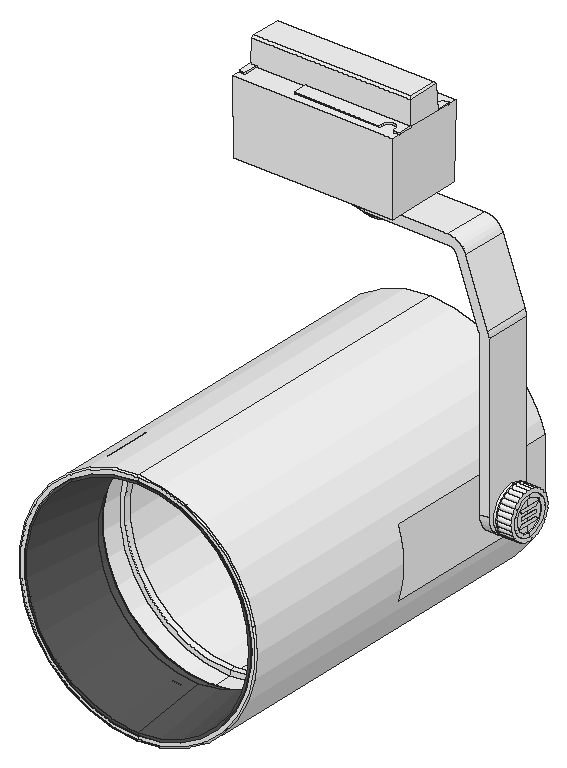
Revit family "STL22455BR_STL22455PTO", category Luminárias, Revit 2023
Family settings
  Cota do conector redondo = Utilizar diâmetro
  Tipo de parte = Normal
  Número OmniClass = 23.80.70.00
  Título OmniClass = Lighting
  Com base no plano de trabalho = Não
  Sempre na vertical = Sim
  Corte com vazios quando carregada = Não
  Fonte luminosa = Não
  Manter orientação da anotação = Não
  Compartilhado = Não
  Ponto de cálculo do ambiente = Não
Parameters (values of type "STL22455BR - BRANCO")
  URL = "https://stella.com.br/"
  Tensão Elétrica = "127-220V"
  Referência = "STL22455BR"
  Potência máxima = 20 W
  Modelo = "Flow PAR30 CDMR para Trace"
  Grau de proteção (IP) = "IP20"
  Fabricante = "Stella"
  Estrutura = Al - Branco
  Elevação padrão = 0 m
  Diâmetro do Spot = 0.104083 m
  Comprimento do Spot = 0.16 m
  Altura do Spot = 0.206 m
  Acabamento Spot = Al - Preto
Reference planes (m)
  plane 1 "Eixo de origem da luz (F/T)": y = 0
  plane 2: z = 0
  plane 3 "Eixo de origem da luz (E/D)": x = 0.0084
  plane 4 "Elevação da origem da luz": z = 2.4994
  plane 5: z = 2.444
  plane 6 "Superior": z = 2.65
  plane 7: y = 0.026
  plane 8: y = -0.134
  plane 9: x = 0.060441
  plane 10: z = 2.605
  plane 11: x = -0.043641
Forms (m)
  Extrusion 1, solid, material "Al - Branco" <- "Estrutura"
    sketch origin (-0.031726, 0, 0) x (0, -1, 0) y (0, 0, 1)
      loop
        line (-0.007222, 2.6384) -> (-0.017251, 2.6384) -> (-0.016801, 2.6064) -> (0.016801, 2.6064) -> (0.017251, 2.6384) -> (0.007222, 2.6384) -> (0.006942, 2.649) -> (0.006414, 2.65) -> (-0.006414, 2.65) -> (-0.006942, 2.649) -> (-0.007222, 2.6384)
    from -0.059624 to 0.013642
  Extrusion 2, void
    sketch origin (-0.023326, 0, 0) x (-1, 0, 0) y (0, 0, 1)
      loop
        line (-0.049422, 2.649) -> (-0.048894, 2.65) -> (-0.051224, 2.65) -> (-0.051224, 2.6064) -> (-0.049252, 2.6064) -> (-0.049702, 2.6384) -> (-0.049422, 2.649)
      loop
        line (0.020018, 2.649) -> (0.020298, 2.6384) -> (0.019847, 2.6064) -> (0.022042, 2.6064) -> (0.022042, 2.65) -> (0.01949, 2.65) -> (0.020018, 2.649)
    from -0.024982 to 0.021323
  Extrusion 3, solid, material "Al - Branco" <- "Estrutura"
    sketch origin (0.014478, 0, 0) x (0, -1, 0) y (0, 0, -1)
      loop
        line (-0.014499, -2.6064) -> (-0.014499, -2.60805) -> (-0.015326, -2.60805) -> (-0.015326, -2.60885)
        arc (-0.015326, -2.60885) -> (-0.015011, -2.609283) -> (-0.014499, -2.609443) r 0.000852
        line (-0.014499, -2.609443) -> (-0.014499, -2.6104) -> (0.014499, -2.6104) -> (0.014499, -2.609443)
        arc (0.014499, -2.609443) -> (0.015011, -2.609283) -> (0.015326, -2.60885) r 0.000852
        line (0.015326, -2.60885) -> (0.015326, -2.60805) -> (0.014499, -2.60805) -> (0.014499, -2.6064) -> (-0.014499, -2.6064)
    from -0.059624 to -0.055554
  Extrusion 4, void
    sketch origin (0.014478, 0, 0) x (0, -1, 0) y (0, 0, -1)
      loop
        line (-0.014699, -2.6106) -> (0.014699, -2.6106) -> (0.014699, -2.609627)
        arc (0.014699, -2.609627) -> (0.015219, -2.609371) -> (0.015526, -2.608879) r 0.001052
        line (0.015526, -2.608879) -> (0.015526, -2.60785) -> (0.014699, -2.60785) -> (0.014699, -2.6064) -> (-0.014699, -2.6064) -> (-0.014699, -2.60785) -> (-0.015526, -2.60785) -> (-0.015526, -2.608879)
        arc (-0.015526, -2.608879) -> (-0.015219, -2.609371) -> (-0.014699, -2.609627) r 0.001052
        line (-0.014699, -2.609627) -> (-0.014699, -2.6106)
    from -0.059624 to -0.024388
  Extrusion 5, solid, material "Al - Branco" <- "Estrutura"
    sketch origin (0.014478, -0.03, 0) x (0, -1, 0) y (0, 0, -1)
      loop
        line (-0.044499, -2.6064) -> (-0.044499, -2.60805) -> (-0.015501, -2.60805) -> (-0.015501, -2.6064) -> (-0.044499, -2.6064)
    from -0.055554 to -0.024388
  Extrusion 6, solid, material "Al - Branco" <- "Estrutura"
    sketch origin (-0.023326, 0, 0) x (-1, 0, 0) y (0, 0, 1)
      loop
        line (-0.011173, 2.6064) -> (-0.013416, 2.6064) -> (-0.013416, 2.605371) -> (-0.011173, 2.605371) -> (-0.011173, 2.6064)
    from -0.014499 to 0.014499
  Extrusion 7, solid, material "Al - Branco" <- "Estrutura"
    sketch origin (-0.023326, 0, 2.574) x (0, 1, 0) y (-1, 0, 0)
      loop
        arc (0.013719, -0.047484) -> (0.013573, -0.04713) -> (0.013219, -0.046984) r 0.0005
        line (0.013219, -0.046984) -> (0.012346, -0.046984)
        arc (0.012346, -0.046984) -> (0.009533, -0.044171) -> (0.012346, -0.041358) r 0.002813
        line (0.012346, -0.041358) -> (0.013219, -0.041358)
        arc (0.013219, -0.041358) -> (0.013573, -0.041211) -> (0.013719, -0.040857) r 0.0005
        line (0.013719, -0.040857) -> (0.013719, -0.008488)
        arc (0.013719, -0.008488) -> (0.013573, -0.008135) -> (0.013219, -0.007988) r 0.0005
        line (0.013219, -0.007988) -> (0.007222, -0.007988) -> (0.007222, -0.049702) -> (0.013219, -0.049702)
        arc (0.013219, -0.049702) -> (0.013573, -0.049556) -> (0.013719, -0.049202) r 0.0005
        line (0.013719, -0.049202) -> (0.013719, -0.047484)
      loop
        line (-0.013719, -0.047484) -> (-0.013719, -0.04935)
        arc (-0.013719, -0.04935) -> (-0.013573, -0.049704) -> (-0.013219, -0.04985) r 0.0005
        line (-0.013219, -0.04985) -> (-0.007222, -0.04985) -> (-0.007222, -0.003882) -> (-0.013219, -0.003882)
        arc (-0.013219, -0.003882) -> (-0.013573, -0.004029) -> (-0.013719, -0.004382) r 0.0005
        line (-0.013719, -0.004382) -> (-0.013719, -0.040857)
        arc (-0.013719, -0.040857) -> (-0.013573, -0.041211) -> (-0.013219, -0.041358) r 0.0005
        line (-0.013219, -0.041358) -> (-0.012346, -0.041358)
        arc (-0.012346, -0.041358) -> (-0.009533, -0.044171) -> (-0.012346, -0.046984) r 0.002813
        line (-0.012346, -0.046984) -> (-0.013219, -0.046984)
        arc (-0.013219, -0.046984) -> (-0.013573, -0.04713) -> (-0.013719, -0.047484) r 0.0005
      loop
        line (-0.013182, 0.017625) -> (-0.007222, 0.017625) -> (-0.007222, 0.020298) -> (-0.013182, 0.020298)
        arc (-0.013182, 0.020298) -> (-0.013576, 0.020135) -> (-0.013739, 0.019741) r 0.000557
        line (-0.013739, 0.019741) -> (-0.013739, 0.018182)
        arc (-0.013739, 0.018182) -> (-0.013576, 0.017788) -> (-0.013182, 0.017625) r 0.000557
      loop
        line (0.012346, 0.017642) -> (0.013181, 0.017642)
        arc (0.013181, 0.017642) -> (0.013574, 0.017805) -> (0.013737, 0.018198) r 0.000556
        line (0.013737, 0.018198) -> (0.013737, 0.020298) -> (0.007222, 0.020298) -> (0.007222, 0.014829) -> (0.008997, 0.014829)
        arc (0.008997, 0.014829) -> (0.009409, 0.014961) -> (0.009583, 0.015357) r 0.000526
        arc (0.009583, 0.015357) -> (0.010553, 0.016997) -> (0.012346, 0.017642) r 0.002813
    from 0.0644 to 0.0649
  Revolve 8, void
    sketch origin (-0.023326, 0, 0) x (-1, 0, 0) y (0, 0, 1)
      loop
        line (-0.046923, 2.6064) -> (-0.031723, 2.6064) -> (-0.031723, 2.6129) -> (-0.04681, 2.6129) -> (-0.046923, 2.6064)
      axis (-0.031723, 2.6129) -> (-0.031723, 2.6064)
    angle from 0 to 360
  Extrusion 9, solid, material "Al - Branco" <- "Estrutura", not visible
    sketch origin (-0.1416, -0.1, 0) x (0, 1, 0) y (0, 0, 1)
      loop
        line (-0.007222, 2.6384) -> (-0.017251, 2.6384) -> (-0.016801, 2.6064) -> (0.016801, 2.6064) -> (0.017251, 2.6384) -> (0.007222, 2.6384) -> (0.006942, 2.649) -> (0.006414, 2.65) -> (-0.006414, 2.65) -> (-0.006942, 2.649) -> (-0.007222, 2.6384)
    from -0.059624 to 0.013642
  Extrusion 10, void, not visible
    sketch origin (-0.15, -0.1, 0) x (1, 0, 0) y (0, 0, 1)
      loop
        line (-0.049422, 2.649) -> (-0.048894, 2.65) -> (-0.051224, 2.65) -> (-0.051224, 2.6064) -> (-0.049252, 2.6064) -> (-0.049702, 2.6384) -> (-0.049422, 2.649)
      loop
        line (0.020018, 2.649) -> (0.020298, 2.6384) -> (0.019847, 2.6064) -> (0.022042, 2.6064) -> (0.022042, 2.65) -> (0.01949, 2.65) -> (0.020018, 2.649)
    from -0.024982 to 0.021323
  Extrusion 11, solid, material "Al - Branco" <- "Estrutura", not visible
    sketch origin (-0.187804, -0.1, 0) x (0, 1, 0) y (0, 0, -1)
      loop
        line (-0.014499, -2.6064) -> (-0.014499, -2.60805) -> (-0.015326, -2.60805) -> (-0.015326, -2.60885)
        arc (-0.015326, -2.60885) -> (-0.015011, -2.609283) -> (-0.014499, -2.609443) r 0.000852
        line (-0.014499, -2.609443) -> (-0.014499, -2.6104) -> (0.014499, -2.6104) -> (0.014499, -2.609443)
        arc (0.014499, -2.609443) -> (0.015011, -2.609283) -> (0.015326, -2.60885) r 0.000852
        line (0.015326, -2.60885) -> (0.015326, -2.60805) -> (0.014499, -2.60805) -> (0.014499, -2.6064) -> (-0.014499, -2.6064)
    from -0.059624 to -0.055554
  Extrusion 12, void, not visible
    sketch origin (-0.187804, -0.1, 0) x (0, 1, 0) y (0, 0, -1)
      loop
        line (-0.014699, -2.6106) -> (0.014699, -2.6106) -> (0.014699, -2.609627)
        arc (0.014699, -2.609627) -> (0.015219, -2.609371) -> (0.015526, -2.608879) r 0.001052
        line (0.015526, -2.608879) -> (0.015526, -2.60785) -> (0.014699, -2.60785) -> (0.014699, -2.6064) -> (-0.014699, -2.6064) -> (-0.014699, -2.60785) -> (-0.015526, -2.60785) -> (-0.015526, -2.608879)
        arc (-0.015526, -2.608879) -> (-0.015219, -2.609371) -> (-0.014699, -2.609627) r 0.001052
        line (-0.014699, -2.609627) -> (-0.014699, -2.6106)
    from -0.059624 to -0.024388
  Extrusion 13, solid, material "Al - Branco" <- "Estrutura", not visible
    sketch origin (-0.187804, -0.07, 0) x (0, 1, 0) y (0, 0, -1)
      loop
        line (-0.044499, -2.6064) -> (-0.044499, -2.60805) -> (-0.015501, -2.60805) -> (-0.015501, -2.6064) -> (-0.044499, -2.6064)
    from -0.055554 to -0.024388
  Extrusion 14, solid, material "Al - Branco" <- "Estrutura", not visible
    sketch origin (-0.15, -0.1, 0) x (1, 0, 0) y (0, 0, 1)
      loop
        line (-0.011173, 2.6064) -> (-0.013416, 2.6064) -> (-0.013416, 2.605371) -> (-0.011173, 2.605371) -> (-0.011173, 2.6064)
    from -0.014499 to 0.014499
  Extrusion 15, solid, material "Al - Branco" <- "Estrutura", not visible
    sketch origin (-0.15, -0.1, 2.574) x (0, -1, 0) y (1, 0, 0)
      loop
        arc (0.013719, -0.047484) -> (0.013573, -0.04713) -> (0.013219, -0.046984) r 0.0005
        line (0.013219, -0.046984) -> (0.012346, -0.046984)
        arc (0.012346, -0.046984) -> (0.009533, -0.044171) -> (0.012346, -0.041358) r 0.002813
        line (0.012346, -0.041358) -> (0.013219, -0.041358)
        arc (0.013219, -0.041358) -> (0.013573, -0.041211) -> (0.013719, -0.040857) r 0.0005
        line (0.013719, -0.040857) -> (0.013719, -0.008488)
        arc (0.013719, -0.008488) -> (0.013573, -0.008135) -> (0.013219, -0.007988) r 0.0005
        line (0.013219, -0.007988) -> (0.007222, -0.007988) -> (0.007222, -0.049702) -> (0.013219, -0.049702)
        arc (0.013219, -0.049702) -> (0.013573, -0.049556) -> (0.013719, -0.049202) r 0.0005
        line (0.013719, -0.049202) -> (0.013719, -0.047484)
      loop
        line (-0.013719, -0.047484) -> (-0.013719, -0.04935)
        arc (-0.013719, -0.04935) -> (-0.013573, -0.049704) -> (-0.013219, -0.04985) r 0.0005
        line (-0.013219, -0.04985) -> (-0.007222, -0.04985) -> (-0.007222, -0.003882) -> (-0.013219, -0.003882)
        arc (-0.013219, -0.003882) -> (-0.013573, -0.004029) -> (-0.013719, -0.004382) r 0.0005
        line (-0.013719, -0.004382) -> (-0.013719, -0.040857)
        arc (-0.013719, -0.040857) -> (-0.013573, -0.041211) -> (-0.013219, -0.041358) r 0.0005
        line (-0.013219, -0.041358) -> (-0.012346, -0.041358)
        arc (-0.012346, -0.041358) -> (-0.009533, -0.044171) -> (-0.012346, -0.046984) r 0.002813
        line (-0.012346, -0.046984) -> (-0.013219, -0.046984)
        arc (-0.013219, -0.046984) -> (-0.013573, -0.04713) -> (-0.013719, -0.047484) r 0.0005
      loop
        line (-0.013182, 0.017625) -> (-0.007222, 0.017625) -> (-0.007222, 0.020298) -> (-0.013182, 0.020298)
        arc (-0.013182, 0.020298) -> (-0.013576, 0.020135) -> (-0.013739, 0.019741) r 0.000557
        line (-0.013739, 0.019741) -> (-0.013739, 0.018182)
        arc (-0.013739, 0.018182) -> (-0.013576, 0.017788) -> (-0.013182, 0.017625) r 0.000557
      loop
        line (0.012346, 0.017642) -> (0.013181, 0.017642)
        arc (0.013181, 0.017642) -> (0.013574, 0.017805) -> (0.013737, 0.018198) r 0.000556
        line (0.013737, 0.018198) -> (0.013737, 0.020298) -> (0.007222, 0.020298) -> (0.007222, 0.014829) -> (0.008997, 0.014829)
        arc (0.008997, 0.014829) -> (0.009409, 0.014961) -> (0.009583, 0.015357) r 0.000526
        arc (0.009583, 0.015357) -> (0.010553, 0.016997) -> (0.012346, 0.017642) r 0.002813
    from 0.0644 to 0.0649
  Revolve 16, void, not visible
    sketch origin (-0.15, -0.1, 0) x (1, 0, 0) y (0, 0, 1)
      loop
        line (-0.046923, 2.6064) -> (-0.031723, 2.6064) -> (-0.031723, 2.6129) -> (-0.04681, 2.6129) -> (-0.046923, 2.6064)
      axis (-0.031723, 2.6129) -> (-0.031723, 2.6064)
    angle from 0 to 360
  Revolve 17, solid, material "Al - Branco" <- "Estrutura"
    sketch origin (0.030318, 0, -0.0205) x (1, 0, 0) y (0, 0, 1)
      loop
        line (0.034579, 2.5281) -> (0.035578, 2.5281) -> (0.035578, 2.5299) -> (0.034579, 2.5299) -> (0.034579, 2.5281)
      loop
        line (0.027879, 2.5239) -> (0.027879, 2.5199) -> (0.033078, 2.5199) -> (0.033078, 2.5239) -> (0.027879, 2.5239)
      axis (0.035578, 2.5199) -> (0.027879, 2.5199)
    angle from 0 to 360
  Extrusion 18, solid, material "Al - Branco" <- "Estrutura"
    sketch origin (0.030318, 0.008398, -0.0205) x (0, -1, 0) y (0, 0, 1)
      loop
        arc (0.004366, 2.527942) -> (0.002917, 2.528238) -> (0.002614, 2.526791) r 0.001048
        arc (0.002614, 2.526791) -> (0.001137, 2.526743) -> (0.001177, 2.525265) r 0.001048
        arc (0.001177, 2.525265) -> (-0.00025, 2.524877) -> (0.000132, 2.523448) r 0.001048
        arc (0.000132, 2.523448) -> (-0.001167, 2.522741) -> (-0.000466, 2.521439) r 0.001048
        arc (-0.000466, 2.521439) -> (-0.001565, 2.52045) -> (-0.000581, 2.519346) r 0.001048
        arc (-0.000581, 2.519346) -> (-0.001423, 2.51813) -> (-0.000211, 2.517283) r 0.001048
        arc (-0.000211, 2.517283) -> (-0.000747, 2.515905) -> (0.000628, 2.515362) r 0.001048
        arc (0.000628, 2.515362) -> (0.000425, 2.513897) -> (0.001889, 2.513687) r 0.001048
        arc (0.001889, 2.513687) -> (0.002029, 2.512215) -> (0.003502, 2.512349) r 0.001048
        arc (0.003502, 2.512349) -> (0.00398, 2.51095) -> (0.005382, 2.511421) r 0.001048
        arc (0.005382, 2.511421) -> (0.00617, 2.51017) -> (0.007425, 2.510952) r 0.001048
        arc (0.007425, 2.510952) -> (0.008481, 2.509918) -> (0.009521, 2.51097) r 0.001048
        arc (0.009521, 2.51097) -> (0.010788, 2.510207) -> (0.011556, 2.511471) r 0.001048
        arc (0.011556, 2.511471) -> (0.012965, 2.511023) -> (0.01342, 2.51243) r 0.001048
        arc (0.01342, 2.51243) -> (0.014894, 2.51232) -> (0.015012, 2.513794) r 0.001048
        arc (0.015012, 2.513794) -> (0.016472, 2.514028) -> (0.016244, 2.51549) r 0.001048
        arc (0.016244, 2.51549) -> (0.017611, 2.516055) -> (0.017052, 2.517424) r 0.001048
        arc (0.017052, 2.517424) -> (0.01825, 2.518291) -> (0.017389, 2.519493) r 0.001048
        arc (0.017389, 2.519493) -> (0.018354, 2.520613) -> (0.017239, 2.521583) r 0.001048
        arc (0.017239, 2.521583) -> (0.017919, 2.522897) -> (0.016609, 2.523583) r 0.001048
        arc (0.016609, 2.523583) -> (0.016967, 2.525017) -> (0.015534, 2.525382) r 0.001048
        arc (0.015534, 2.525382) -> (0.01555, 2.526861) -> (0.014071, 2.526883) r 0.001048
        arc (0.014071, 2.526883) -> (0.013745, 2.528326) -> (0.012301, 2.528006) r 0.001048
        arc (0.012301, 2.528006) -> (0.01165, 2.529334) -> (0.010319, 2.528688) r 0.001048
        arc (0.010319, 2.528688) -> (0.009379, 2.52983) -> (0.008233, 2.528894) r 0.001048
        arc (0.008233, 2.528894) -> (0.007155, 2.529817) -> (0.006336, 2.528658) r 0.00096
        arc (0.006336, 2.528658) -> (0.004995, 2.52928) -> (0.004366, 2.527942) r 0.001048
      loop
        circle (0.0084, 2.5199) r 0.0082
    from -0.042087 to -0.035578
  Extrusion 19, solid, material "Al - Branco" <- "Estrutura"
    sketch origin (0.030318, 0.0084, -0.0205) x (0, -1, 0) y (0, 0, 1)
      loop
        line (0.004798, 2.520605) -> (0.004798, 2.519195) -> (0.011997, 2.519195) -> (0.011997, 2.520605) -> (0.004798, 2.520605)
      loop
        line (0.004798, 2.522) -> (0.012002, 2.522) -> (0.013402, 2.5234) -> (0.003398, 2.5234) -> (0.004798, 2.522)
      loop
        line (0.004798, 2.5178) -> (0.003398, 2.5164) -> (0.013402, 2.5164) -> (0.012002, 2.5178) -> (0.004798, 2.5178)
    from -0.041835 to -0.041287
  Extrusion 20, solid, material "Al - Branco" <- "Estrutura"
    sketch origin (0.044628, 0.0084, -0.0205) x (0, -1, 0) y (0, 0, 1)
      loop
        line (0.0093, 2.524818) -> (0.0093, 2.52805)
        arc (0.0093, 2.52805) -> (0.0084, 2.5281) -> (0.0075, 2.52805) r 0.0082
        line (0.0075, 2.52805) -> (0.0075, 2.524818)
        arc (0.0075, 2.524818) -> (0.0084, 2.5249) -> (0.0093, 2.524818) r 0.005
      loop
        line (0.0093, 2.51175) -> (0.0093, 2.514982)
        arc (0.0093, 2.514982) -> (0.0084, 2.5149) -> (0.0075, 2.514982) r 0.005
        line (0.0075, 2.514982) -> (0.0075, 2.51175)
        arc (0.0075, 2.51175) -> (0.0084, 2.5117) -> (0.0093, 2.51175) r 0.0082
      loop
        line (0.013313, 2.518972) -> (0.016547, 2.518972)
        arc (0.016547, 2.518972) -> (0.0166, 2.519872) -> (0.016553, 2.520772) r 0.0082
        line (0.016553, 2.520772) -> (0.013323, 2.520772)
        arc (0.013323, 2.520772) -> (0.0134, 2.519872) -> (0.013313, 2.518972) r 0.005
      loop
        line (0.000255, 2.518951) -> (0.003487, 2.518972)
        arc (0.003487, 2.518972) -> (0.0034, 2.519872) -> (0.003477, 2.520772) r 0.005
        line (0.003477, 2.520772) -> (0.000247, 2.520772)
        arc (0.000247, 2.520772) -> (0.0002, 2.519861) -> (0.000255, 2.518951) r 0.0082
    from -0.023769 to -0.021268
  Revolve 21, solid, material "Al - Branco" <- "Estrutura"
    sketch origin (0.030318, 0, -0.0205) x (1, 0, 0) y (0, 0, 1)
      loop
        line (0.038079, 2.5281) -> (0.038079, 2.5249)
        spline (0.038079, 2.5249) -> (0.037704, 2.5249) -> (0.037329, 2.5249) -> (0.036954, 2.5249) -> (0.036578, 2.5249) -> (0.036203, 2.5249) -> (0.035828, 2.5249) -> (0.035453, 2.5249) -> (0.035078, 2.5249) -> (0.034703, 2.5249) -> (0.034328, 2.5249) -> (0.033952, 2.5249) -> (0.033577, 2.5249)
        arc (0.033577, 2.5249) -> (0.033225, 2.524753) -> (0.033079, 2.5244) r 0.0005
        line (0.033079, 2.5244) -> (0.033079, 2.5199) -> (0.041287, 2.5199) -> (0.041287, 2.526698) -> (0.042087, 2.526698) -> (0.042087, 2.5281) -> (0.038079, 2.5281)
      axis (0.033079, 2.5199) -> (0.042087, 2.5199)
    angle from 0 to 360
  Extrusion 22, void
    sketch origin (0.024995, -0.021208, -0.0132) x (1, 0, 0) y (0, 0, 1)
      loop
        line (0.033702, 2.517028) -> (0.033702, 2.50804) -> (0.037902, 2.50804) -> (0.037902, 2.517028) -> (0.033702, 2.517028)
    from -0.027269 to -0.015669
  Revolve 23, solid, material "Al - Branco" <- "Estrutura", not visible
    sketch origin (0.013723, 0.000104, -0.0073) x (1, 0, 0) y (0, 0, 1)
      loop
        line (0.034579, 2.5281) -> (0.035578, 2.5281) -> (0.035578, 2.5299) -> (0.034579, 2.5299) -> (0.034579, 2.5281)
      loop
        line (0.027879, 2.5239) -> (0.027879, 2.5199) -> (0.033078, 2.5199) -> (0.033078, 2.5239) -> (0.027879, 2.5239)
      axis (0.035578, 2.5199) -> (0.027879, 2.5199)
    angle from 0 to 360
  Extrusion 24, solid, material "Al - Branco" <- "Estrutura", not visible
    sketch origin (0.013723, 0.008502, -0.0073) x (0, -1, 0) y (0, 0, 1)
      loop
        arc (0.004366, 2.527942) -> (0.002917, 2.528238) -> (0.002614, 2.526791) r 0.001048
        arc (0.002614, 2.526791) -> (0.001137, 2.526743) -> (0.001177, 2.525265) r 0.001048
        arc (0.001177, 2.525265) -> (-0.00025, 2.524877) -> (0.000132, 2.523448) r 0.001048
        arc (0.000132, 2.523448) -> (-0.001167, 2.522741) -> (-0.000466, 2.521439) r 0.001048
        arc (-0.000466, 2.521439) -> (-0.001565, 2.52045) -> (-0.000581, 2.519346) r 0.001048
        arc (-0.000581, 2.519346) -> (-0.001423, 2.51813) -> (-0.000211, 2.517283) r 0.001048
        arc (-0.000211, 2.517283) -> (-0.000747, 2.515905) -> (0.000628, 2.515362) r 0.001048
        arc (0.000628, 2.515362) -> (0.000425, 2.513897) -> (0.001889, 2.513687) r 0.001048
        arc (0.001889, 2.513687) -> (0.002029, 2.512215) -> (0.003502, 2.512349) r 0.001048
        arc (0.003502, 2.512349) -> (0.00398, 2.51095) -> (0.005382, 2.511421) r 0.001048
        arc (0.005382, 2.511421) -> (0.00617, 2.51017) -> (0.007425, 2.510952) r 0.001048
        arc (0.007425, 2.510952) -> (0.008481, 2.509918) -> (0.009521, 2.51097) r 0.001048
        arc (0.009521, 2.51097) -> (0.010788, 2.510207) -> (0.011556, 2.511471) r 0.001048
        arc (0.011556, 2.511471) -> (0.012965, 2.511023) -> (0.01342, 2.51243) r 0.001048
        arc (0.01342, 2.51243) -> (0.014894, 2.51232) -> (0.015012, 2.513794) r 0.001048
        arc (0.015012, 2.513794) -> (0.016472, 2.514028) -> (0.016244, 2.51549) r 0.001048
        arc (0.016244, 2.51549) -> (0.017611, 2.516055) -> (0.017052, 2.517424) r 0.001048
        arc (0.017052, 2.517424) -> (0.01825, 2.518291) -> (0.017389, 2.519493) r 0.001048
        arc (0.017389, 2.519493) -> (0.018354, 2.520613) -> (0.017239, 2.521583) r 0.001048
        arc (0.017239, 2.521583) -> (0.017919, 2.522897) -> (0.016609, 2.523583) r 0.001048
        arc (0.016609, 2.523583) -> (0.016967, 2.525017) -> (0.015534, 2.525382) r 0.001048
        arc (0.015534, 2.525382) -> (0.01555, 2.526861) -> (0.014071, 2.526883) r 0.001048
        arc (0.014071, 2.526883) -> (0.013745, 2.528326) -> (0.012301, 2.528006) r 0.001048
        arc (0.012301, 2.528006) -> (0.01165, 2.529334) -> (0.010319, 2.528688) r 0.001048
        arc (0.010319, 2.528688) -> (0.009379, 2.52983) -> (0.008233, 2.528894) r 0.001048
        arc (0.008233, 2.528894) -> (0.007155, 2.529817) -> (0.006336, 2.528658) r 0.00096
        arc (0.006336, 2.528658) -> (0.004995, 2.52928) -> (0.004366, 2.527942) r 0.001048
      loop
        circle (0.0084, 2.5199) r 0.0082
    from -0.042087 to -0.035578
  Extrusion 25, solid, material "Al - Branco" <- "Estrutura", not visible
    sketch origin (0.013723, 0.008504, -0.0073) x (0, -1, 0) y (0, 0, 1)
      loop
        line (0.004798, 2.520605) -> (0.004798, 2.519195) -> (0.011997, 2.519195) -> (0.011997, 2.520605) -> (0.004798, 2.520605)
      loop
        line (0.004798, 2.522) -> (0.012002, 2.522) -> (0.013402, 2.5234) -> (0.003398, 2.5234) -> (0.004798, 2.522)
      loop
        line (0.004798, 2.5178) -> (0.003398, 2.5164) -> (0.013402, 2.5164) -> (0.012002, 2.5178) -> (0.004798, 2.5178)
    from -0.041835 to -0.041287
  Extrusion 26, solid, material "Al - Branco" <- "Estrutura", not visible
    sketch origin (0.028033, 0.008504, -0.0073) x (0, -1, 0) y (0, 0, 1)
      loop
        line (0.0093, 2.524818) -> (0.0093, 2.52805)
        arc (0.0093, 2.52805) -> (0.0084, 2.5281) -> (0.0075, 2.52805) r 0.0082
        line (0.0075, 2.52805) -> (0.0075, 2.524818)
        arc (0.0075, 2.524818) -> (0.0084, 2.5249) -> (0.0093, 2.524818) r 0.005
      loop
        line (0.0093, 2.51175) -> (0.0093, 2.514982)
        arc (0.0093, 2.514982) -> (0.0084, 2.5149) -> (0.0075, 2.514982) r 0.005
        line (0.0075, 2.514982) -> (0.0075, 2.51175)
        arc (0.0075, 2.51175) -> (0.0084, 2.5117) -> (0.0093, 2.51175) r 0.0082
      loop
        line (0.013313, 2.518972) -> (0.016547, 2.518972)
        arc (0.016547, 2.518972) -> (0.0166, 2.519872) -> (0.016553, 2.520772) r 0.0082
        line (0.016553, 2.520772) -> (0.013323, 2.520772)
        arc (0.013323, 2.520772) -> (0.0134, 2.519872) -> (0.013313, 2.518972) r 0.005
      loop
        line (0.000255, 2.518951) -> (0.003487, 2.518972)
        arc (0.003487, 2.518972) -> (0.0034, 2.519872) -> (0.003477, 2.520772) r 0.005
        line (0.003477, 2.520772) -> (0.000247, 2.520772)
        arc (0.000247, 2.520772) -> (0.0002, 2.519861) -> (0.000255, 2.518951) r 0.0082
    from -0.023769 to -0.021268
  Revolve 27, solid, material "Al - Branco" <- "Estrutura", not visible
    sketch origin (0.013723, 0.000104, -0.0073) x (1, 0, 0) y (0, 0, 1)
      loop
        line (0.038079, 2.5281) -> (0.038079, 2.5249)
        spline (0.038079, 2.5249) -> (0.037704, 2.5249) -> (0.037329, 2.5249) -> (0.036954, 2.5249) -> (0.036578, 2.5249) -> (0.036203, 2.5249) -> (0.035828, 2.5249) -> (0.035453, 2.5249) -> (0.035078, 2.5249) -> (0.034703, 2.5249) -> (0.034328, 2.5249) -> (0.033952, 2.5249) -> (0.033577, 2.5249)
        arc (0.033577, 2.5249) -> (0.033225, 2.524753) -> (0.033079, 2.5244) r 0.0005
        line (0.033079, 2.5244) -> (0.033079, 2.5199) -> (0.041287, 2.5199) -> (0.041287, 2.526698) -> (0.042087, 2.526698) -> (0.042087, 2.5281) -> (0.038079, 2.5281)
      axis (0.033079, 2.5199) -> (0.042087, 2.5199)
    angle from 0 to 360
  Extrusion 28, void, not visible
    sketch origin (0.0084, -0.021104, 0) x (1, 0, 0) y (0, 0, 1)
      loop
        line (0.033702, 2.517028) -> (0.033702, 2.50804) -> (0.037902, 2.50804) -> (0.037902, 2.517028) -> (0.033702, 2.517028)
    from -0.027269 to -0.015669
  Revolve 29, solid, material "Al - Branco" <- "Estrutura"
    sketch origin (0.0084, 0.124967, 4.898022) x (0, -1, -0.000001) y (0, 0.000001, -1)
      loop
        line (0.09897, 2.448422) -> (0.20597, 2.446928) -> (0.20597, 2.444757) -> (0.20867, 2.444757) -> (0.20867, 2.447144) -> (0.21797, 2.447242) -> (0.21797, 2.448463) -> (0.25897, 2.448463) -> (0.25897, 2.450163)
        arc (0.25897, 2.450163) -> (0.258823, 2.450517) -> (0.25847, 2.450663) r 0.0005
        line (0.25847, 2.450663) -> (0.09897, 2.450663) -> (0.09897, 2.448422)
      axis (0.09897, 2.398622) -> (0.25897, 2.398622)
    angle from 0 to 360
  Revolve 30, solid, material "Al - Preto" <- "Acabamento Spot"
    sketch origin (0.0084, 0.124967, 4.898022) x (0, -1, -0.000001) y (0, 0.000001, -1)
      loop
        line (0.22597, 2.442566) -> (0.25897, 2.447322) -> (0.25897, 2.448322) -> (0.252506, 2.448209) -> (0.228684, 2.444776)
        arc (0.228684, 2.444776) -> (0.228046, 2.444963) -> (0.22777, 2.445568) r 0.0008
        line (0.22777, 2.445568) -> (0.22777, 2.446977) -> (0.221546, 2.446868)
        arc (0.221546, 2.446868) -> (0.221135, 2.446972) -> (0.220909, 2.447331) r 0.000569
        arc (0.220909, 2.447331) -> (0.220567, 2.447576) -> (0.220154, 2.447658) r 0.001
        arc (0.220154, 2.447658) -> (0.219527, 2.447424) -> (0.219188, 2.446847) r 0.001
        arc (0.219188, 2.446847) -> (0.219168, 2.446449) -> (0.21917, 2.44605) r 0.007571
        arc (0.21917, 2.44605) -> (0.219356, 2.445665) -> (0.219768, 2.445548) r 0.000523
        line (0.219768, 2.445548) -> (0.22597, 2.445548) -> (0.22597, 2.442566)
      axis (0.21917, 2.398622) -> (0.25897, 2.398622)
    angle from 0 to 360
  Revolve 31, solid, material "Al - Branco" <- "Estrutura"
    sketch origin (0.0084, 0.124967, 4.898022) x (0, -1, -0.000001) y (0, 0.000001, -1)
      loop
        line (0.07247, 2.402122) -> (0.07247, 2.398622) -> (0.10247, 2.398622) -> (0.10247, 2.402122) -> (0.07247, 2.402122)
      loop
        line (0.09067, 2.402872) -> (0.10347, 2.402872) -> (0.10347, 2.417322)
        arc (0.10347, 2.417322) -> (0.104055, 2.418736) -> (0.10547, 2.419322) r 0.002
        line (0.10547, 2.419322) -> (0.14907, 2.419322) -> (0.14907, 2.420222) -> (0.10547, 2.420222)
        arc (0.10547, 2.420222) -> (0.103348, 2.419343) -> (0.10247, 2.417222) r 0.003
        line (0.10247, 2.417222) -> (0.10247, 2.405622) -> (0.10047, 2.405622) -> (0.10047, 2.404667) -> (0.09067, 2.404154) -> (0.09067, 2.402872)
      axis (0.07247, 2.398622) -> (0.14907, 2.398622)
    angle from 0 to 360
  Revolve 32, solid, material "Al - Branco" <- "Estrutura"
    sketch origin (0.0084, 0.124967, 4.898022) x (0, -1, -0.000001) y (0, 0.000001, -1)
      loop
        line (0.10832, 2.416622) -> (0.10832, 2.415122) -> (0.10747, 2.415122) -> (0.10747, 2.402622) -> (0.10832, 2.402622) -> (0.10832, 2.414144) -> (0.11132, 2.414144) -> (0.11132, 2.398622) -> (0.12132, 2.398622) -> (0.12132, 2.411138) -> (0.13382, 2.411138)
        arc (0.13382, 2.411138) -> (0.133967, 2.411515) -> (0.134321, 2.411713) r 0.0006
        line (0.134321, 2.411713) -> (0.14832, 2.414258) -> (0.14832, 2.416622) -> (0.10832, 2.416622)
      axis (0.10747, 2.398622) -> (0.14832, 2.398622)
    angle from 0 to 360
  Extrusion 33, void
    sketch origin (0, -1.606581, 0.100777) x (1, 0, 0) y (0, -0.000001, 1)
      loop
        arc (-0.00035, 2.394872) -> (0.0034, 2.398622) -> (-0.00035, 2.402372) r 0.00375
        line (-0.00035, 2.402372) -> (-0.004143, 2.402372)
        arc (-0.004143, 2.402372) -> (-0.004541, 2.402241) -> (-0.004806, 2.401918) r 0.000749
        arc (-0.004806, 2.401918) -> (-0.005211, 2.398622) -> (-0.004806, 2.395326) r 0.013611
        arc (-0.004806, 2.395326) -> (-0.004541, 2.395002) -> (-0.004143, 2.394872) r 0.000749
        line (-0.004143, 2.394872) -> (-0.00035, 2.394872)
      loop
        line (0.01715, 2.394872) -> (0.020943, 2.394872)
        arc (0.020943, 2.394872) -> (0.021341, 2.395002) -> (0.021606, 2.395326) r 0.000749
        arc (0.021606, 2.395326) -> (0.022011, 2.398622) -> (0.021606, 2.401918) r 0.013611
        arc (0.021606, 2.401918) -> (0.021341, 2.402241) -> (0.020943, 2.402372) r 0.000749
        line (0.020943, 2.402372) -> (0.01715, 2.402372)
        arc (0.01715, 2.402372) -> (0.0134, 2.398622) -> (0.01715, 2.394872) r 0.00375
    from -1.618262 to -1.582483
  Extrusion 34, void
    sketch origin (0, -1.606581, 0.100777) x (1, 0, 0) y (0, -0.000001, 1)
      loop
        line (0.0124, 2.403622) -> (0.016687, 2.405753)
        arc (0.016687, 2.405753) -> (0.016927, 2.406065) -> (0.01683, 2.406446) r 0.00045
        arc (0.01683, 2.406446) -> (0.012999, 2.409164) -> (0.0084, 2.410124) r 0.011502
        arc (0.0084, 2.410124) -> (0.003801, 2.409164) -> (-0.00003, 2.406446) r 0.011502
        arc (-0.00003, 2.406446) -> (-0.000127, 2.406065) -> (0.000113, 2.405753) r 0.00045
        line (0.000113, 2.405753) -> (0.0044, 2.403622) -> (0.0124, 2.403622)
      loop
        line (0.0124, 2.393622) -> (0.0044, 2.393622) -> (0.000113, 2.39149)
        arc (0.000113, 2.39149) -> (-0.000127, 2.391178) -> (-0.00003, 2.390797) r 0.00045
        arc (-0.00003, 2.390797) -> (0.003801, 2.388079) -> (0.0084, 2.38712) r 0.011502
        arc (0.0084, 2.38712) -> (0.012999, 2.388079) -> (0.01683, 2.390797) r 0.011502
        arc (0.01683, 2.390797) -> (0.016927, 2.391178) -> (0.016687, 2.39149) r 0.00045
        line (0.016687, 2.39149) -> (0.0124, 2.393622)
      loop
        circle (0.0084, 2.398622) r 0.001667
    from -1.610796 to -1.601583
  Extrusion 35, void
    sketch origin (0, -1.606581, 0.100777) x (1, 0, 0) y (0, -0.000001, 1)
      loop
        circle (0.0084, 2.407622) r 0.001
      loop
        circle (0.0084, 2.389622) r 0.001
      loop
        circle (0.01965, 2.398622) r 0.00125
      loop
        circle (-0.00285, 2.398622) r 0.00125
    from -1.625374 to -1.582483
  Blend 36, solid, material "Al - Branco" <- "Estrutura"
    base sketch origin (0.000049, -1.606581, 0.102172) x (1, 0, 0) y (0, -0.000001, 1)
      loop
        line (0.055944, 2.382565) -> (0.058184, 2.382225) -> (0.058184, 2.412228) -> (0.055944, 2.411888) -> (0.055944, 2.382565)
    top sketch origin (0.000049, -3.009995, 0.102171) x (1, 0, 0) y (0, -0.000001, 1)
      loop
        line (0.058184, 2.412228) -> (0.05445, 2.411661) -> (0.05445, 2.382792) -> (0.058184, 2.382225) -> (0.058184, 2.412228)
    from -1.632583 to -2.928997
  Extrusion 37, void
    sketch origin (0.02, -1.606581, 0.100777) x (1, 0, 0) y (0, -0.000001, 1)
      loop
        line (0.040993, 2.414042) -> (0.028698, 2.412176)
        arc (0.028698, 2.412176) -> (0.030917, 2.398622) -> (0.028698, 2.385067) r 0.042517
        line (0.028698, 2.385067) -> (0.040993, 2.383201) -> (0.040993, 2.414042)
    from -1.632583 to -1.552583
  Extrusion 38, void
    sketch origin (0, -1.606581, 0.100777) x (1, 0, 0) y (0, -0.000001, 1)
      loop
        line (0.057615, 2.381645) -> (0.063233, 2.381645) -> (0.063233, 2.415376) -> (0.057615, 2.415376) -> (0.057615, 2.381645)
    from -1.552583 to -1.525583
  Extrusion 39, solid, material "Al - Branco" <- "Estrutura"
    sketch origin (-0.240003, 0, -0.0088) x (1, 0, 0) y (0, 0, 1)
      loop
        line (0.2369, 2.609) -> (0.28484, 2.609)
        arc (0.28484, 2.609) -> (0.287249, 2.60824) -> (0.288787, 2.606236) r 0.0042
        line (0.288787, 2.606236) -> (0.298447, 2.579696)
        arc (0.298447, 2.579696) -> (0.298636, 2.578989) -> (0.2987, 2.578259) r 0.0042
        line (0.2987, 2.578259) -> (0.2987, 2.4967) -> (0.3029, 2.4967) -> (0.3029, 2.578259)
        arc (0.3029, 2.578259) -> (0.302772, 2.579718) -> (0.302393, 2.581132) r 0.0084
        line (0.302393, 2.581132) -> (0.292733, 2.607673)
        arc (0.292733, 2.607673) -> (0.289658, 2.611681) -> (0.28484, 2.6132) r 0.0084
        line (0.28484, 2.6132) -> (0.2369, 2.6132) -> (0.2369, 2.609)
    from -0.01 to 0.01
  Revolve 40, solid, material "Al - Branco" <- "Estrutura"
    sketch origin (-0.240003, 0, -0.0088) x (1, 0, 0) y (0, 0, 1)
      loop
        arc (0.242402, 2.6058) -> (0.242636, 2.605234) -> (0.243202, 2.605) r 0.0008
        line (0.243202, 2.605) -> (0.24493, 2.605) -> (0.24493, 2.609) -> (0.2404, 2.609) -> (0.2404, 2.607) -> (0.242402, 2.607) -> (0.242402, 2.6058)
      loop
        line (0.24325, 2.6132) -> (0.24325, 2.6162) -> (0.235448, 2.6162) -> (0.23541, 2.6205) -> (0.23341, 2.6205) -> (0.233469, 2.613753)
        arc (0.233469, 2.613753) -> (0.233631, 2.613362) -> (0.234022, 2.6132) r 0.000553
        line (0.234022, 2.6132) -> (0.24325, 2.6132)
      axis (0.2484, 2.605) -> (0.2484, 2.6205)
    angle from 0 to 360
  Extrusion 41, void
    sketch origin (-0.231603, 0, -0.0088) x (0, 1, 0) y (0, 0, 1)
      loop
        line (-0.01, 2.5082) -> (-0.012, 2.5082) -> (-0.012, 2.495283) -> (0.012, 2.495283) -> (0.012, 2.5082) -> (0.01, 2.5082)
        arc (0.01, 2.5082) -> (0, 2.4982) -> (-0.01, 2.5082) r 0.01
    from 0.2903 to 0.2945
  Extrusion 42, void
    sketch origin (-0.240003, 0, 2.5038) x (0, -1, 0) y (1, 0, 0)
      loop
        line (-0.01, 0.2484) -> (-0.0115, 0.2484) -> (-0.0115, 0.236357) -> (0.0115, 0.236357) -> (0.0115, 0.2484) -> (0.01, 0.2484)
        arc (0.01, 0.2484) -> (0, 0.2384) -> (-0.01, 0.2484) r 0.01
    from 0.0964 to 0.1006
  Extrusion 43, solid, material "Al - Branco" <- "Estrutura", not visible
    sketch origin (0, 0, 0) x (1, 0, 0) y (0, 0, 1)
      loop
        line (0.2369, 2.609) -> (0.28484, 2.609)
        arc (0.28484, 2.609) -> (0.287249, 2.60824) -> (0.288787, 2.606236) r 0.0042
        line (0.288787, 2.606236) -> (0.298447, 2.579696)
        arc (0.298447, 2.579696) -> (0.298636, 2.578989) -> (0.2987, 2.578259) r 0.0042
        line (0.2987, 2.578259) -> (0.2987, 2.4967) -> (0.3029, 2.4967) -> (0.3029, 2.578259)
        arc (0.3029, 2.578259) -> (0.302772, 2.579718) -> (0.302393, 2.581132) r 0.0084
        line (0.302393, 2.581132) -> (0.292733, 2.607673)
        arc (0.292733, 2.607673) -> (0.289658, 2.611681) -> (0.28484, 2.6132) r 0.0084
        line (0.28484, 2.6132) -> (0.2369, 2.6132) -> (0.2369, 2.609)
    from -0.01 to 0.01
  Revolve 44, solid, material "Al - Branco" <- "Estrutura", not visible
    sketch origin (0, 0, 0) x (1, 0, 0) y (0, 0, 1)
      loop
        arc (0.242402, 2.6058) -> (0.242636, 2.605234) -> (0.243202, 2.605) r 0.0008
        line (0.243202, 2.605) -> (0.24493, 2.605) -> (0.24493, 2.609) -> (0.2404, 2.609) -> (0.2404, 2.607) -> (0.242402, 2.607) -> (0.242402, 2.6058)
      loop
        line (0.24325, 2.6132) -> (0.24325, 2.6162) -> (0.235448, 2.6162) -> (0.23541, 2.6205) -> (0.23341, 2.6205) -> (0.233469, 2.613753)
        arc (0.233469, 2.613753) -> (0.233631, 2.613362) -> (0.234022, 2.6132) r 0.000553
        line (0.234022, 2.6132) -> (0.24325, 2.6132)
      axis (0.2484, 2.605) -> (0.2484, 2.6205)
    angle from 0 to 360
  Extrusion 45, void, not visible
    sketch origin (0.0084, 0, 0) x (0, 1, 0) y (0, 0, 1)
      loop
        line (-0.01, 2.5082) -> (-0.012, 2.5082) -> (-0.012, 2.495283) -> (0.012, 2.495283) -> (0.012, 2.5082) -> (0.01, 2.5082)
        arc (0.01, 2.5082) -> (0, 2.4982) -> (-0.01, 2.5082) r 0.01
    from 0.2903 to 0.2945
  Extrusion 46, void, not visible
    sketch origin (0, 0, 2.5126) x (0, -1, 0) y (1, 0, 0)
      loop
        line (-0.01, 0.2484) -> (-0.0115, 0.2484) -> (-0.0115, 0.236357) -> (0.0115, 0.236357) -> (0.0115, 0.2484) -> (0.01, 0.2484)
        arc (0.01, 0.2484) -> (0, 0.2384) -> (-0.01, 0.2484) r 0.01
    from 0.0964 to 0.1006
  Revolve 47, solid, material "Al - Branco" <- "Estrutura", not visible
    sketch origin (0.0084, 1.531548, 4.797243) x (0, -1, -0.000001) y (0, 0.000001, -1)
      loop
        line (0.09897, 2.448422) -> (0.20597, 2.446928) -> (0.20597, 2.444757) -> (0.20867, 2.444757) -> (0.20867, 2.447144) -> (0.21797, 2.447242) -> (0.21797, 2.448463) -> (0.25897, 2.448463) -> (0.25897, 2.450163)
        arc (0.25897, 2.450163) -> (0.258823, 2.450517) -> (0.25847, 2.450663) r 0.0005
        line (0.25847, 2.450663) -> (0.09897, 2.450663) -> (0.09897, 2.448422)
      axis (0.09897, 2.398622) -> (0.25897, 2.398622)
    angle from 0 to 360
  Revolve 48, solid, material "Al - Preto" <- "Acabamento Spot", not visible
    sketch origin (0.0084, 1.531548, 4.797243) x (0, -1, -0.000001) y (0, 0.000001, -1)
      loop
        line (0.22597, 2.442566) -> (0.25897, 2.447322) -> (0.25897, 2.448322) -> (0.252506, 2.448209) -> (0.228684, 2.444776)
        arc (0.228684, 2.444776) -> (0.228046, 2.444963) -> (0.22777, 2.445568) r 0.0008
        line (0.22777, 2.445568) -> (0.22777, 2.446977) -> (0.221546, 2.446868)
        arc (0.221546, 2.446868) -> (0.221135, 2.446972) -> (0.220909, 2.447331) r 0.000569
        arc (0.220909, 2.447331) -> (0.220567, 2.447576) -> (0.220154, 2.447658) r 0.001
        arc (0.220154, 2.447658) -> (0.219527, 2.447424) -> (0.219188, 2.446847) r 0.001
        arc (0.219188, 2.446847) -> (0.219168, 2.446449) -> (0.21917, 2.44605) r 0.007571
        arc (0.21917, 2.44605) -> (0.219356, 2.445665) -> (0.219768, 2.445548) r 0.000523
        line (0.219768, 2.445548) -> (0.22597, 2.445548) -> (0.22597, 2.442566)
      axis (0.21917, 2.398622) -> (0.25897, 2.398622)
    angle from 0 to 360
  Revolve 49, solid, material "Al - Branco" <- "Estrutura", not visible
    sketch origin (0.0084, 1.531548, 4.797243) x (0, -1, -0.000001) y (0, 0.000001, -1)
      loop
        line (0.07247, 2.402122) -> (0.07247, 2.398622) -> (0.10247, 2.398622) -> (0.10247, 2.402122) -> (0.07247, 2.402122)
      loop
        line (0.09067, 2.402872) -> (0.10347, 2.402872) -> (0.10347, 2.417322)
        arc (0.10347, 2.417322) -> (0.104055, 2.418736) -> (0.10547, 2.419322) r 0.002
        line (0.10547, 2.419322) -> (0.14907, 2.419322) -> (0.14907, 2.420222) -> (0.10547, 2.420222)
        arc (0.10547, 2.420222) -> (0.103348, 2.419343) -> (0.10247, 2.417222) r 0.003
        line (0.10247, 2.417222) -> (0.10247, 2.405622) -> (0.10047, 2.405622) -> (0.10047, 2.404667) -> (0.09067, 2.404154) -> (0.09067, 2.402872)
      axis (0.07247, 2.398622) -> (0.14907, 2.398622)
    angle from 0 to 360
  Revolve 50, solid, material "Al - Branco" <- "Estrutura", not visible
    sketch origin (0.0084, 1.531548, 4.797243) x (0, -1, -0.000001) y (0, 0.000001, -1)
      loop
        line (0.10832, 2.416622) -> (0.10832, 2.415122) -> (0.10747, 2.415122) -> (0.10747, 2.402622) -> (0.10832, 2.402622) -> (0.10832, 2.414144) -> (0.11132, 2.414144) -> (0.11132, 2.398622) -> (0.12132, 2.398622) -> (0.12132, 2.411138) -> (0.13382, 2.411138)
        arc (0.13382, 2.411138) -> (0.133967, 2.411515) -> (0.134321, 2.411713) r 0.0006
        line (0.134321, 2.411713) -> (0.14832, 2.414258) -> (0.14832, 2.416622) -> (0.10832, 2.416622)
      axis (0.10747, 2.398622) -> (0.14832, 2.398622)
    angle from 0 to 360
  Extrusion 51, void, not visible
    sketch origin (0, -0.2, -0.000002) x (1, 0, 0) y (0, -0.000001, 1)
      loop
        arc (-0.00035, 2.394872) -> (0.0034, 2.398622) -> (-0.00035, 2.402372) r 0.00375
        line (-0.00035, 2.402372) -> (-0.004143, 2.402372)
        arc (-0.004143, 2.402372) -> (-0.004541, 2.402241) -> (-0.004806, 2.401918) r 0.000749
        arc (-0.004806, 2.401918) -> (-0.005211, 2.398622) -> (-0.004806, 2.395326) r 0.013611
        arc (-0.004806, 2.395326) -> (-0.004541, 2.395002) -> (-0.004143, 2.394872) r 0.000749
        line (-0.004143, 2.394872) -> (-0.00035, 2.394872)
      loop
        line (0.01715, 2.394872) -> (0.020943, 2.394872)
        arc (0.020943, 2.394872) -> (0.021341, 2.395002) -> (0.021606, 2.395326) r 0.000749
        arc (0.021606, 2.395326) -> (0.022011, 2.398622) -> (0.021606, 2.401918) r 0.013611
        arc (0.021606, 2.401918) -> (0.021341, 2.402241) -> (0.020943, 2.402372) r 0.000749
        line (0.020943, 2.402372) -> (0.01715, 2.402372)
        arc (0.01715, 2.402372) -> (0.0134, 2.398622) -> (0.01715, 2.394872) r 0.00375
    from -1.618262 to -1.582483
  Extrusion 52, void, not visible
    sketch origin (0, -0.2, -0.000002) x (1, 0, 0) y (0, -0.000001, 1)
      loop
        line (0.0124, 2.403622) -> (0.016687, 2.405753)
        arc (0.016687, 2.405753) -> (0.016927, 2.406065) -> (0.01683, 2.406446) r 0.00045
        arc (0.01683, 2.406446) -> (0.012999, 2.409164) -> (0.0084, 2.410124) r 0.011502
        arc (0.0084, 2.410124) -> (0.003801, 2.409164) -> (-0.00003, 2.406446) r 0.011502
        arc (-0.00003, 2.406446) -> (-0.000127, 2.406065) -> (0.000113, 2.405753) r 0.00045
        line (0.000113, 2.405753) -> (0.0044, 2.403622) -> (0.0124, 2.403622)
      loop
        line (0.0124, 2.393622) -> (0.0044, 2.393622) -> (0.000113, 2.39149)
        arc (0.000113, 2.39149) -> (-0.000127, 2.391178) -> (-0.00003, 2.390797) r 0.00045
        arc (-0.00003, 2.390797) -> (0.003801, 2.388079) -> (0.0084, 2.38712) r 0.011502
        arc (0.0084, 2.38712) -> (0.012999, 2.388079) -> (0.01683, 2.390797) r 0.011502
        arc (0.01683, 2.390797) -> (0.016927, 2.391178) -> (0.016687, 2.39149) r 0.00045
        line (0.016687, 2.39149) -> (0.0124, 2.393622)
      loop
        circle (0.0084, 2.398622) r 0.001667
    from -1.610796 to -1.601583
  Extrusion 53, void, not visible
    sketch origin (0, -0.2, -0.000002) x (1, 0, 0) y (0, -0.000001, 1)
      loop
        circle (0.0084, 2.407622) r 0.001
      loop
        circle (0.0084, 2.389622) r 0.001
      loop
        circle (0.01965, 2.398622) r 0.00125
      loop
        circle (-0.00285, 2.398622) r 0.00125
    from -1.625374 to -1.582483
  Blend 54, solid, material "Al - Branco" <- "Estrutura", not visible
    base sketch origin (0.000049, -0.2, 0.001394) x (1, 0, 0) y (0, -0.000001, 1)
      loop
        line (0.055944, 2.382565) -> (0.058184, 2.382225) -> (0.058184, 2.412228) -> (0.055944, 2.411888) -> (0.055944, 2.382565)
    top sketch origin (0.000049, -1.603414, 0.001392) x (1, 0, 0) y (0, -0.000001, 1)
      loop
        line (0.058184, 2.412228) -> (0.05445, 2.411661) -> (0.05445, 2.382792) -> (0.058184, 2.382225) -> (0.058184, 2.412228)
    from -1.632583 to -2.928997
  Extrusion 55, void, not visible
    sketch origin (0.02, -0.2, -0.000002) x (1, 0, 0) y (0, -0.000001, 1)
      loop
        line (0.040993, 2.414042) -> (0.028698, 2.412176)
        arc (0.028698, 2.412176) -> (0.030917, 2.398622) -> (0.028698, 2.385067) r 0.042517
        line (0.028698, 2.385067) -> (0.040993, 2.383201) -> (0.040993, 2.414042)
    from -1.632583 to -1.552583
  Extrusion 56, void, not visible
    sketch origin (0, -0.2, -0.000002) x (1, 0, 0) y (0, -0.000001, 1)
      loop
        line (0.057615, 2.381645) -> (0.063233, 2.381645) -> (0.063233, 2.415376) -> (0.057615, 2.415376) -> (0.057615, 2.381645)
    from -1.552583 to -1.525583
Cuts and joins
  Extrusion 2, Extrusion 4, Revolve 8 cuts Extrusion 1
  Extrusion 2 cuts Extrusion 3
  joined: Extrusion 3, Extrusion 5, Extrusion 6
  Extrusion 22 cuts Revolve 17
  Extrusion 34 cuts Revolve 31
  Extrusion 33, Extrusion 34, Extrusion 35 cuts Revolve 32
  joined: Revolve 31, Revolve 32
  Extrusion 37 cuts Revolve 29
  Extrusion 38 cuts Blend 36
  Extrusion 41, Extrusion 42 cuts Extrusion 39
  Extrusion 42 cuts Revolve 40
Lines and regions (m)
  symbolic lines
    curve 1: line (0.0084, 0, 2.497003) -> (0.0084, 0, 2.490003)
    curve 2: line (0.008397, 0, 2.6129) -> (0.008397, 0, 2.630175)
Dimensions and locks (m)
  "Altura do Spot": plane 6 "Superior" to plane 5
  "Diâmetro do Spot": plane 11 to plane 9
  "Comprimento do Spot": plane 8 to plane 7
  aligned and locked: level to plane 2
  aligned and locked: Extrusion 18 to Extrusion 20
  aligned and locked: Extrusion 20 to Revolve 21
  aligned and locked: Extrusion 24 to Extrusion 26
  aligned and locked: Extrusion 26 to Revolve 27
Automatic sketch dimensions
  Revolve 29 sketch curve to Revolve 29 sketch curve = 0.0027 m
  Revolve 29 sketch curve to Revolve 29 sketch curve = 0.0093 m
  Revolve 29 sketch curve to Revolve 29 sketch curve = 0.0005 m
  Revolve 29 sketch curve to Revolve 29 sketch curve = 0 m
  Revolve 29 sketch curve to Revolve 29 sketch curve = 0.00217 m
  Revolve 29 sketch curve to Revolve 29 sketch curve = 0.002387 m
  Revolve 29 sketch curve to Revolve 29 sketch curve = 0.000098 m
  Revolve 29 sketch curve to Revolve 29 sketch curve = 0.001494 m
  Revolve 29 sketch curve to Revolve 29 sketch curve = 0.001221 m
  Revolve 29 sketch curve to Revolve 29 sketch curve = 0.0017 m
  Revolve 29 sketch curve to Revolve 29 sketch curve = 0.020285 m
  Revolve 29 sketch curve to Revolve 29 sketch curve = 0.0498 m
  Revolve 30 sketch curve to Revolve 30 sketch curve = 0.000075 m
  Revolve 30 sketch curve to Revolve 30 sketch curve = 0.000477 m
  Revolve 30 sketch curve to Revolve 30 sketch curve = 0.0013 m
  Revolve 30 sketch curve to Revolve 30 sketch curve = 0.000077 m
  Revolve 30 sketch curve to Revolve 30 sketch curve = 0.000768 m
  Revolve 30 sketch curve to Revolve 30 sketch curve = 0.001032 m
  Revolve 30 sketch curve to Revolve 30 sketch curve = 0.0008 m
  Revolve 30 sketch curve to Revolve 30 sketch curve = 0.000114 m
  Revolve 30 sketch curve to Revolve 30 sketch curve = 0.023823 m
  Revolve 30 sketch curve to Revolve 30 sketch curve = 0.006463 m
  Revolve 30 sketch curve to Revolve 30 sketch curve = 0.000518 m
  Revolve 30 sketch curve to Revolve 30 sketch curve = 0.00073 m
  Revolve 30 sketch curve to Revolve 30 sketch curve = 0.000593 m
  Revolve 30 sketch curve to Revolve 30 sketch curve = 0.00021 m
  Revolve 30 sketch curve to Revolve 30 sketch curve = 0.0007 m
  Revolve 30 sketch curve to Revolve 30 sketch curve = 0.002546 m
  Revolve 30 sketch curve to Revolve 30 sketch curve = 0.000564 m
  Revolve 30 sketch curve to Revolve 30 sketch curve = 0.000887 m
  Revolve 30 sketch curve to Revolve 30 sketch curve = 0.001 m
  Revolve 30 sketch curve to Revolve 30 sketch curve = 0.014295 m
  Revolve 30 sketch curve to Revolve 30 sketch curve = 0 m  (x5)
  Revolve 30 sketch curve to Revolve 30 sketch curve = 0.000018 m
  Revolve 30 sketch curve to Revolve 30 sketch curve = 0.000756 m
  Revolve 30 sketch curve to Revolve 30 sketch curve = 0.043944 m
  Revolve 31 sketch curve to Revolve 31 sketch curve = 0.0182 m
  Revolve 31 sketch curve to Revolve 31 sketch curve = 0.0098 m
  Revolve 31 sketch curve to Revolve 31 sketch curve = 0.002 m  (x3)
  Revolve 31 sketch curve to Revolve 31 sketch curve = 0.001 m
  Revolve 31 sketch curve to Revolve 31 sketch curve = 0 m
  Revolve 31 sketch curve to Revolve 31 sketch curve = 0.0436 m
  Revolve 31 sketch curve to Revolve 31 sketch curve = 0.0035 m
  Revolve 31 sketch curve to Revolve 31 sketch curve = 0.00075 m
  Revolve 31 sketch curve to Revolve 31 sketch curve = 0.001282 m
  Revolve 31 sketch curve to Revolve 31 sketch curve = 0.002546 m
  Revolve 31 sketch curve to Revolve 31 sketch curve = 0.000954 m
  Revolve 31 sketch curve to Revolve 31 sketch curve = 0.0116 m
  Revolve 31 sketch curve to Revolve 31 sketch curve = 0.0001 m
  Revolve 31 sketch curve to Revolve 31 sketch curve = 0.00477 m
  Revolve 31 sketch curve to Revolve 31 sketch curve = 0.005112 m
  Revolve 31 sketch curve to Revolve 31 sketch curve = 0.0207 m
  Revolve 32 sketch curve to Revolve 32 sketch curve = 0.00085 m  (x2)
  Revolve 32 sketch curve to Revolve 32 sketch curve = 0.003 m
  Revolve 32 sketch curve to Revolve 32 sketch curve = 0.01 m
  Revolve 32 sketch curve to Revolve 32 sketch curve = 0.0125 m
  Revolve 32 sketch curve to Revolve 32 sketch curve = 0.000501 m
  Revolve 32 sketch curve to Revolve 32 sketch curve = 0.0006 m
  Revolve 32 sketch curve to Revolve 32 sketch curve = 0.013999 m
  Revolve 32 sketch curve to Revolve 32 sketch curve = 0.004 m
  Revolve 32 sketch curve to Revolve 32 sketch curve = 0.000592 m
  Revolve 32 sketch curve to Revolve 32 sketch curve = 0.011523 m
  Revolve 32 sketch curve to Revolve 32 sketch curve = 0.002545 m
  Revolve 32 sketch curve to Revolve 32 sketch curve = 0.000977 m
  Revolve 32 sketch curve to Revolve 32 sketch curve = 0.002364 m
  Revolve 32 sketch curve to Revolve 32 sketch curve = 0.005 m
  Revolve 32 sketch curve to Revolve 32 sketch curve = 0.002247 m
  Revolve 32 sketch curve to Revolve 32 sketch curve = 0.015636 m
  Extrusion 33 sketch curve to Extrusion 33 sketch curve = 0 m  (x5)
  Extrusion 33 sketch curve to Extrusion 33 sketch curve = 0.003768 m  (x4)
  Extrusion 33 sketch curve to Extrusion 33 sketch curve = 0.000025 m  (x4)
  Extrusion 33 sketch curve to Extrusion 33 sketch curve = 0.000748 m  (x4)
  Extrusion 33 sketch curve to Extrusion 33 sketch curve = 0.00375 m  (x3)
  Extrusion 33 sketch curve to Extrusion 33 sketch curve = 0.000688 m  (x2)
  Extrusion 35 sketch curve to Extrusion 35 sketch curve = 0.009 m  (x3)
  Extrusion 35 sketch curve to Extrusion 35 sketch curve = 0.001 m  (x2)
  Blend 36 sketch curve to Blend 36 sketch curve = 0.003734 m
  Blend 36 sketch curve to Blend 36 sketch curve = 0.000566 m  (x2)
  Blend 36 sketch curve to Blend 36 sketch curve = 0.02887 m
  Extrusion 37 sketch curve to Extrusion 37 sketch curve = 0.012295 m
  Extrusion 37 sketch curve to Extrusion 37 sketch curve = 0.001865 m  (x2)
  Extrusion 37 sketch curve to Extrusion 37 sketch curve = 0.013555 m
  Blend 36 sketch curve to Blend 36 sketch curve = 0.029323 m
  Blend 36 sketch curve to Blend 36 sketch curve = 0.00224 m
  Blend 36 sketch curve to Blend 36 sketch curve = 0.00034 m  (x2)
  Extrusion 38 sketch curve to Extrusion 38 sketch curve = 0.005618 m
  Extrusion 38 sketch curve to Extrusion 38 sketch curve = 0.033731 m
  Extrusion 39 sketch curve to Extrusion 39 sketch curve = 0.04794 m
  Extrusion 39 sketch curve to Extrusion 39 sketch curve = 0 m  (x8)
  Extrusion 39 sketch curve to Extrusion 39 sketch curve = 0.0042 m  (x2)
  Extrusion 39 sketch curve to Extrusion 39 sketch curve = 0.00966 m
  Extrusion 39 sketch curve to Extrusion 39 sketch curve = 0.003947 m  (x4)
  Extrusion 39 sketch curve to Extrusion 39 sketch curve = 0.001436 m  (x2)
  Revolve 40 sketch curve to Revolve 40 sketch curve = 0.006378 m
  Revolve 40 sketch curve to Revolve 40 sketch curve = 0.002002 m
  Revolve 40 sketch curve to Revolve 40 sketch curve = 0.001728 m
  Revolve 40 sketch curve to Revolve 40 sketch curve = 0.002 m  (x2)
  Revolve 40 sketch curve to Revolve 40 sketch curve = 0.000553 m
  Revolve 40 sketch curve to Revolve 40 sketch curve = 0.00515 m
  Revolve 40 sketch curve to Revolve 40 sketch curve = 0.000059 m
  Revolve 40 sketch curve to Revolve 40 sketch curve = 0.00168 m
  Revolve 40 sketch curve to Revolve 40 sketch curve = 0.001426 m
  Revolve 40 sketch curve to Revolve 40 sketch curve = 0.002447 m
  Extrusion 41 sketch curve to Extrusion 41 sketch curve = 0.002 m  (x2)
  Extrusion 41 sketch curve to Extrusion 41 sketch curve = 0.012917 m
  Extrusion 42 sketch curve to Extrusion 42 sketch curve = 0.0015 m  (x2)
  Extrusion 42 sketch curve to Extrusion 42 sketch curve = 0.012043 m
  Extrusion 39 sketch curve to Extrusion 39 sketch curve = 0.081559 m
  Extrusion 39 sketch curve to Extrusion 39 sketch curve = 0.026541 m
  Revolve 40 sketch curve to Revolve 40 sketch curve = 0.0008 m
  Revolve 40 sketch curve to Revolve 40 sketch curve = 0.0012 m
  Revolve 40 sketch curve to Revolve 40 sketch curve = 0.0042 m
  Revolve 40 sketch curve to Revolve 40 sketch curve = 0.0043 m
  Revolve 40 sketch curve to Revolve 40 sketch curve = 0.002605 m
  Revolve 40 sketch curve to Revolve 40 sketch curve = 0.015373 m
  Extrusion 41 sketch curve to Extrusion 41 sketch curve = 0.01 m
  Extrusion 42 sketch curve to Extrusion 42 sketch curve = 0.01 m
  Extrusion 43 sketch curve to Extrusion 43 sketch curve = 0.04794 m
  Extrusion 43 sketch curve to Extrusion 43 sketch curve = 0 m  (x8)
  Extrusion 43 sketch curve to Extrusion 43 sketch curve = 0.0042 m  (x2)
  Extrusion 43 sketch curve to Extrusion 43 sketch curve = 0.00966 m
  Extrusion 43 sketch curve to Extrusion 43 sketch curve = 0.003947 m  (x4)
  Extrusion 43 sketch curve to Extrusion 43 sketch curve = 0.001436 m  (x2)
  Revolve 44 sketch curve to Revolve 44 sketch curve = 0.006378 m
  Revolve 44 sketch curve to Revolve 44 sketch curve = 0.002002 m
  Revolve 44 sketch curve to Revolve 44 sketch curve = 0.001728 m
  Revolve 44 sketch curve to Revolve 44 sketch curve = 0.002 m  (x2)
  Revolve 44 sketch curve to Revolve 44 sketch curve = 0.000553 m
  Revolve 44 sketch curve to Revolve 44 sketch curve = 0.00515 m
  Revolve 44 sketch curve to Revolve 44 sketch curve = 0.000059 m
  Revolve 44 sketch curve to Revolve 44 sketch curve = 0.00168 m
  Revolve 44 sketch curve to Revolve 44 sketch curve = 0.001426 m
  Revolve 44 sketch curve to Revolve 44 sketch curve = 0.002447 m
  Extrusion 45 sketch curve to Extrusion 45 sketch curve = 0.002 m  (x2)
  Extrusion 45 sketch curve to Extrusion 45 sketch curve = 0.012917 m
  Extrusion 46 sketch curve to Extrusion 46 sketch curve = 0.0015 m  (x2)
  Extrusion 46 sketch curve to Extrusion 46 sketch curve = 0.012043 m
  Extrusion 43 sketch curve to Extrusion 43 sketch curve = 0.081559 m
  Extrusion 43 sketch curve to Extrusion 43 sketch curve = 0.026541 m
  Revolve 44 sketch curve to Revolve 44 sketch curve = 0.0008 m
  Revolve 44 sketch curve to Revolve 44 sketch curve = 0.0012 m
  Revolve 44 sketch curve to Revolve 44 sketch curve = 0.0042 m
  Revolve 44 sketch curve to Revolve 44 sketch curve = 0.0043 m
  Revolve 44 sketch curve to Revolve 44 sketch curve = 0.002605 m
  Revolve 44 sketch curve to Revolve 44 sketch curve = 0.015373 m
  Extrusion 45 sketch curve to Extrusion 45 sketch curve = 0.01 m
  Extrusion 46 sketch curve to Extrusion 46 sketch curve = 0.01 m
  curve 2 to plane 3 "Eixo de origem da luz (E/D)" = 0.000003 m
  plane 10 to curve 2 = 0.0079 m
  curve 2 to curve 2 = 0.017275 m
  Revolve 29 sketch curve to Revolve 29 sketch curve = 0.107 m
  Revolve 29 sketch curve to Revolve 29 sketch curve = 0.0405 m
  Revolve 29 sketch curve to Revolve 29 sketch curve = 0.007313 m
  Revolve 30 sketch curve to Revolve 30 sketch curve = 0.005023 m
  Revolve 32 sketch curve to Revolve 32 sketch curve = 0.012499 m
  Extrusion 33 sketch curve to Extrusion 33 sketch curve = 0.00875 m  (x2)
  Extrusion 35 sketch curve to Extrusion 35 sketch curve = 0 m  (x4)
  Extrusion 35 sketch curve to Extrusion 35 sketch curve = 0.01125 m  (x3)
  Extrusion 37 sketch curve to Extrusion 37 sketch curve = 0.040298 m
  Extrusion 37 sketch curve to Extrusion 37 sketch curve = 0 m
  Revolve 47 sketch curve to Revolve 47 sketch curve = 0.0027 m
  Revolve 47 sketch curve to Revolve 47 sketch curve = 0.0093 m
  Revolve 47 sketch curve to Revolve 47 sketch curve = 0.0005 m
